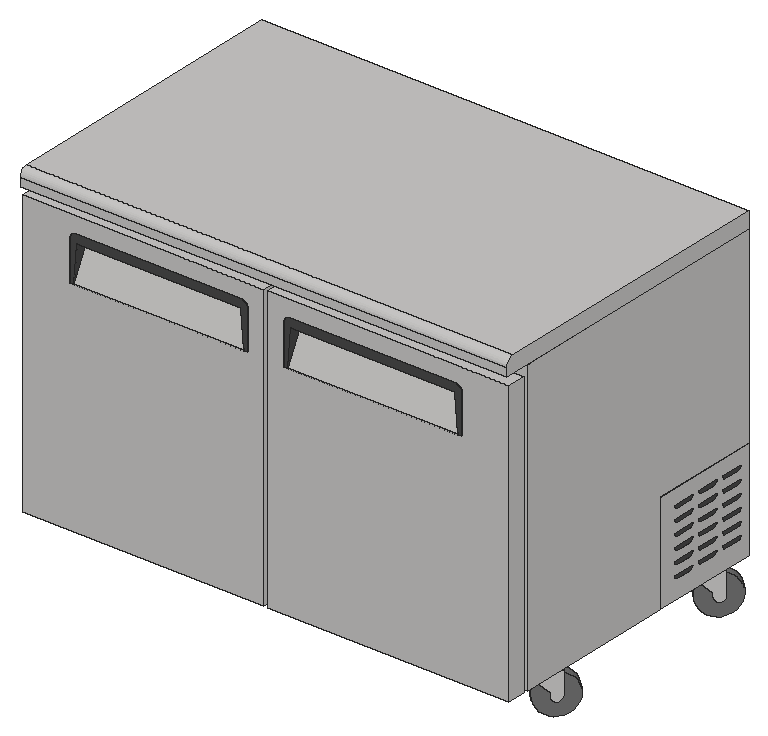
Revit family "QF_Turbo Air_MUR-48", category Specialty Equipment, Revit 2012
Parameters
  Weight in Pounds = 246
  Watermarked By = "http://revitwatermark.com"
  Volts = 115 V
  URL Cutsheet = ""
  URL = "www.turboairinc.com"
  Status [instance] = ""
  Specification by User [instance] = ""
  Specification by Manufacturer [instance] = ""
  Serial Number [instance] = ""
  Revision Code [instance] = ""
  Phase = 1
  Number of Poles [instance] = 1
  NAFEM Spec ID Number [instance] = ""
  Model = "MUR-48"
  Masterspec [instance] = ""
  Manufacturer = "Turbo Air"  # constant formula
  Legs [instance] = [6 inch Legs]  # no
  Item Number [instance] = "-"
  Installed By [instance] = ""
  HP = "1/3"
  Furnished By [instance] = ""
  Foodservice Equipment Identifier = yes
  FL Amps = 6.5 A
  Electrical Remarks [instance] = ""
  Electric Connection Type [instance] = ""
  Elec Conn RI Height [instance] = 0' - 0"
  Elec Conn Connection Height = 1' - 0"
  Description = "Undercounter Refrigerator"
  Cycle = 60 Hz
  Conn Plug = "NEMA 5-15P"
  Casters [instance] = not(Legs)  # yes
  CasterLeg Height [instance] = if([4 inch Casters], 0' 5", if([5 inch Casters], 0' 5 3/4", if([2_5 inch Casters], 0' 3 3/8", 0' 6")))  # 0' - 5"
  CSI MasterFormat = "11 41 13"
  Assembly Code = "E1090320"
  Apparent Power = if(Phase = 3, Volts * FL Amps * 1.73, Volts * FL Amps)  # 747.5 VA
  6 inch Legs [instance] = no
  5 inch Casters [instance] = no
  4 inch Casters [instance] = yes
  2_5 inch Casters [instance] = no
Reference planes (in)
  plane 1 "BACK": y = 0
  plane 2: z = 0
  plane 3 "LEFT": x = -20.78844
  plane 4 "Bottom": z = 5
  plane 5 "Back Stops": y = 1
  plane 6 "RIGHT": x = 27.46156
  plane 7 "FRONT": y = -30
  plane 8 "Door Clearance": y = -51.875
  plane 9 "Back of Door": y = -27.875
  plane 10 "Front of Box": y = -27.375
  plane 11 "Top of Door": z = 33.125
  plane 12 "TOP": z = 35.625
  plane 13 "Bottom of TOP": z = 34
  plane 14 "Center LR": x = 3.33656
  plane 15: x = 3.52406
  plane 16: x = 3.14906
Forms (in)
  Extrusion 1, solid, material "QF_Finishes_Stainless Steel"
    sketch origin (-20.78844, 0, 0) x (0, 1, 0) y (0, 0, 1)
      loop
        line (0, 5) -> (0, 34) -> (-27.375, 34) -> (-27.375, 5) -> (0, 5)
    from 0 to 48.25
  Extrusion 2, solid, material "QF_Finishes_Black"
    sketch origin (0, -27.375, 0) x (1, 0, 0) y (0, 0, 1)
      loop
        line (-19.78844, 32.125) -> (-19.78844, 6) -> (2.14906, 6) -> (2.14906, 32.125) -> (-19.78844, 32.125)
      loop
        line (4.52406, 32.125) -> (4.52406, 6) -> (26.46156, 6) -> (26.46156, 32.125) -> (4.52406, 32.125)
    from 0 to 0.5
  Extrusion 3, void
    sketch origin (27.46156, 0, 0) x (0, 1, 0) y (0, 0, 1)
      loop
        line (0, 5) -> (0, 15) -> (-11, 15) -> (-11, 5) -> (0, 5)
    from 0 to -1
  Extrusion 4, solid, material "QF_Finishes_Stainless Steel"
    sketch origin (27.46156, 0, 0) x (0, 1, 0) y (0, 0, 1)
      loop
        line (-10.875, 14.875) -> (-10.875, 5) -> (0, 5) -> (0, 14.875) -> (-10.875, 14.875)
      loop
        arc (-9.25, 13.5) -> (-9.10355, 13.14645) -> (-8.75, 13) r 0.5
        line (-8.75, 13) -> (-7.25, 13)
        arc (-7.25, 13) -> (-6.89645, 13.14645) -> (-6.75, 13.5) r 0.5
        line (-6.75, 13.5) -> (-9.25, 13.5)
      loop
        arc (-6.25, 13.5) -> (-6.10355, 13.14645) -> (-5.75, 13) r 0.5
        line (-5.75, 13) -> (-4.25, 13)
        arc (-4.25, 13) -> (-3.89645, 13.14645) -> (-3.75, 13.5) r 0.5
        line (-3.75, 13.5) -> (-6.25, 13.5)
      loop
        arc (-3.25, 13.5) -> (-3.10355, 13.14645) -> (-2.75, 13) r 0.5
        line (-2.75, 13) -> (-1.25, 13)
        arc (-1.25, 13) -> (-0.89645, 13.14645) -> (-0.75, 13.5) r 0.5
        line (-0.75, 13.5) -> (-3.25, 13.5)
      loop
        arc (-9.25, 12.25) -> (-9.10355, 11.89645) -> (-8.75, 11.75) r 0.5
        line (-8.75, 11.75) -> (-7.25, 11.75)
        arc (-7.25, 11.75) -> (-6.89645, 11.89645) -> (-6.75, 12.25) r 0.5
        line (-6.75, 12.25) -> (-9.25, 12.25)
      loop
        arc (-6.25, 12.25) -> (-6.10355, 11.89645) -> (-5.75, 11.75) r 0.5
        line (-5.75, 11.75) -> (-4.25, 11.75)
        arc (-4.25, 11.75) -> (-3.89645, 11.89645) -> (-3.75, 12.25) r 0.5
        line (-3.75, 12.25) -> (-6.25, 12.25)
      loop
        arc (-3.25, 12.25) -> (-3.10355, 11.89645) -> (-2.75, 11.75) r 0.5
        line (-2.75, 11.75) -> (-1.25, 11.75)
        arc (-1.25, 11.75) -> (-0.89645, 11.89645) -> (-0.75, 12.25) r 0.5
        line (-0.75, 12.25) -> (-3.25, 12.25)
      loop
        arc (-9.25, 11) -> (-9.10355, 10.64645) -> (-8.75, 10.5) r 0.5
        line (-8.75, 10.5) -> (-7.25, 10.5)
        arc (-7.25, 10.5) -> (-6.89645, 10.64645) -> (-6.75, 11) r 0.5
        line (-6.75, 11) -> (-9.25, 11)
      loop
        arc (-6.25, 11) -> (-6.10355, 10.64645) -> (-5.75, 10.5) r 0.5
        line (-5.75, 10.5) -> (-4.25, 10.5)
        arc (-4.25, 10.5) -> (-3.89645, 10.64645) -> (-3.75, 11) r 0.5
        line (-3.75, 11) -> (-6.25, 11)
      loop
        arc (-3.25, 11) -> (-3.10355, 10.64645) -> (-2.75, 10.5) r 0.5
        line (-2.75, 10.5) -> (-1.25, 10.5)
        arc (-1.25, 10.5) -> (-0.89645, 10.64645) -> (-0.75, 11) r 0.5
        line (-0.75, 11) -> (-3.25, 11)
      loop
        arc (-9.25, 9.75) -> (-9.10355, 9.39645) -> (-8.75, 9.25) r 0.5
        line (-8.75, 9.25) -> (-7.25, 9.25)
        arc (-7.25, 9.25) -> (-6.89645, 9.39645) -> (-6.75, 9.75) r 0.5
        line (-6.75, 9.75) -> (-9.25, 9.75)
      loop
        arc (-6.25, 9.75) -> (-6.10355, 9.39645) -> (-5.75, 9.25) r 0.5
        line (-5.75, 9.25) -> (-4.25, 9.25)
        arc (-4.25, 9.25) -> (-3.89645, 9.39645) -> (-3.75, 9.75) r 0.5
        line (-3.75, 9.75) -> (-6.25, 9.75)
      loop
        arc (-3.25, 9.75) -> (-3.10355, 9.39645) -> (-2.75, 9.25) r 0.5
        line (-2.75, 9.25) -> (-1.25, 9.25)
        arc (-1.25, 9.25) -> (-0.89645, 9.39645) -> (-0.75, 9.75) r 0.5
        line (-0.75, 9.75) -> (-3.25, 9.75)
      loop
        arc (-9.25, 8.5) -> (-9.10355, 8.14645) -> (-8.75, 8) r 0.5
        line (-8.75, 8) -> (-7.25, 8)
        arc (-7.25, 8) -> (-6.89645, 8.14645) -> (-6.75, 8.5) r 0.5
        line (-6.75, 8.5) -> (-9.25, 8.5)
      loop
        arc (-6.25, 8.5) -> (-6.10355, 8.14645) -> (-5.75, 8) r 0.5
        line (-5.75, 8) -> (-4.25, 8)
        arc (-4.25, 8) -> (-3.89645, 8.14645) -> (-3.75, 8.5) r 0.5
        line (-3.75, 8.5) -> (-6.25, 8.5)
      loop
        arc (-3.25, 8.5) -> (-3.10355, 8.14645) -> (-2.75, 8) r 0.5
        line (-2.75, 8) -> (-1.25, 8)
        arc (-1.25, 8) -> (-0.89645, 8.14645) -> (-0.75, 8.5) r 0.5
        line (-0.75, 8.5) -> (-3.25, 8.5)
      loop
        arc (-9.25, 7.25) -> (-9.10355, 6.89645) -> (-8.75, 6.75) r 0.5
        line (-8.75, 6.75) -> (-7.25, 6.75)
        arc (-7.25, 6.75) -> (-6.89645, 6.89645) -> (-6.75, 7.25) r 0.5
        line (-6.75, 7.25) -> (-9.25, 7.25)
      loop
        arc (-6.25, 7.25) -> (-6.10355, 6.89645) -> (-5.75, 6.75) r 0.5
        line (-5.75, 6.75) -> (-4.25, 6.75)
        arc (-4.25, 6.75) -> (-3.89645, 6.89645) -> (-3.75, 7.25) r 0.5
        line (-3.75, 7.25) -> (-6.25, 7.25)
      loop
        arc (-3.25, 7.25) -> (-3.10355, 6.89645) -> (-2.75, 6.75) r 0.5
        line (-2.75, 6.75) -> (-1.25, 6.75)
        arc (-1.25, 6.75) -> (-0.89645, 6.89645) -> (-0.75, 7.25) r 0.5
        line (-0.75, 7.25) -> (-3.25, 7.25)
    from 0 to -1
  Extrusion 5, solid, material "QF_Finishes_Black"
    sketch origin (27.46156, 0, 0) x (0, 1, 0) y (0, 0, 1)
      loop
        line (-9.875, 13.95221) -> (-9.875, 6.20221) -> (-0.375, 6.20221) -> (-0.375, 13.95221) -> (-9.875, 13.95221)
    from -0.125 to -1
  Extrusion 6, solid, material "QF_Finishes_Black"
    sketch origin (0, 0, 0) x (1, 0, 0) y (0, 0, 1)
      loop
        circle (-14.66344, 30.8125) r 0.5
      loop
        circle (21.33656, 30.8125) r 0.5
    from 0 to -1
  Extrusion 7, solid, material "QF_Finishes_Stainless Steel"
    sketch origin (0, 0, 0) x (1, 0, 0) y (0, 0, 1)
      loop
        circle (23.46156, 11.125) r 0.25
    from 0 to -0.0625
  Extrusion 8, solid, material "QF_Finishes_Polished Steel"
    sketch origin (-20.78844, 0, 0) x (0, 1, 0) y (0, 0, 1)
      loop
        line (0, 35.625) -> (-29.1875, 35.625)
        arc (-29.1875, 35.625) -> (-29.76202, 35.38702) -> (-30, 34.8125) r 0.8125
        line (-30, 34.8125) -> (-30, 34) -> (0, 34) -> (0, 35.625)
    from 0 to 48.25
Cuts and joins
  Extrusion 3 cuts Extrusion 1
Lines and regions (in)
  symbolic lines
    curve 1: line (-20.78844, 0, 35.875) -> (27.46156, 0, 35.875)
    curve 2: line (-20.78844, -30, 35.875) -> (-20.78844, 0, 35.875)
    curve 3: line (27.46156, -30, 35.875) -> (-20.78844, -30, 35.875)
    curve 4: line (27.46156, 0, 35.875) -> (27.46156, -30, 35.875)
    curve 5: line (20.83656, 1, 35.875) -> (21.83656, 1, 35.875)
    curve 6: line (-15.16344, 1, 35.875) -> (-14.16344, 1, 35.875)
    curve 7: line (-15.16344, 1, 35.875) -> (-15.16344, 0, 35.875)
    curve 8: line (-14.16344, 1, 35.875) -> (-14.16344, 0, 35.875)
    curve 9: line (20.83656, 1, 35.875) -> (20.83656, 0, 35.875)
    curve 10: line (21.83656, 1, 35.875) -> (21.83656, 0, 35.875)
  symbolic lines, style "QF_Clearances", detail levels coarse
    curve 11: line (27.46156, -30, 35.875) -> (27.46156, -51.875, 35.875)
    curve 12: arc (27.46156, -51.875, 35.875) -> (11.25971, -45.58093, 35.875) -> (3.55582, -30, 35.875) r 24
    curve 13: line (-20.78844, -30, 35.875) -> (-20.78844, -51.875, 35.875)
    curve 14: arc (-20.78844, -51.875, 35.875) -> (-4.58659, -45.58093, 35.875) -> (3.1173, -30, 35.875) r 24
Dimensions and locks (in)
  "CasterLeg Height": plane 4 "Bottom" to plane 2
  locked: plane 1 "BACK" to plane 5 "Back Stops" at 1
  locked: plane 6 "RIGHT" to plane 3 "LEFT" at 48.25
  locked: plane 7 "FRONT" to plane 1 "BACK" at 30
  locked: plane 9 "Back of Door" to plane 10 "Front of Box" at 0.5
  locked: plane 8 "Door Clearance" to plane 1 "BACK" at 51.875
  locked: plane 11 "Top of Door" to Extrusion 2 sketch curve at 1  (x2)
  locked: Extrusion 2 sketch curve to plane 3 "LEFT" at 1
  locked: Extrusion 2 sketch curve to plane 4 "Bottom" at 1  (x2)
  locked: Extrusion 3 sketch curve to plane 1 "BACK" at 11
  locked: Extrusion 3 sketch curve to plane 4 "Bottom" at 10
  locked: plane 4 "Bottom" to Extrusion 4 sketch curve at 9.875
  locked: Extrusion 4 sketch curve to plane 1 "BACK" at 10.875
  locked: Extrusion 5 sketch curve to Extrusion 5 sketch curve at 7.75
  locked: Extrusion 5 sketch curve to plane 4 "Bottom" at 1.20221
  locked: Extrusion 5 sketch curve to Extrusion 5 sketch curve at 9.5
  locked: Extrusion 5 sketch curve to plane 1 "BACK" at 0.375
  locked: nested 1 to plane 1 "BACK" at 2.5625
  locked: plane 3 "LEFT" to nested 1 at 2.5
  locked: plane 3 "LEFT" to nested 2 at 2.5
  locked: plane 10 "Front of Box" to nested 2 at 4.625
  locked: nested 3 to plane 6 "RIGHT" at 2.5
  locked: nested 4 to plane 6 "RIGHT" at 2.5
  locked: plane 10 "Front of Box" to nested 4 at 4.625
  locked: nested 3 to plane 1 "BACK" at 2.5625
  locked: plane 6 "RIGHT" to Extrusion 6 sketch curve at 6.125
  locked: Extrusion 6 sketch curve to plane 3 "LEFT" at 6.125
  locked: Extrusion 7 sketch curve to plane 4 "Bottom" at 6.125
  locked: plane 6 "RIGHT" to Extrusion 7 sketch curve at 4
  locked: plane 12 "TOP" to plane 4 "Bottom" at 30.625
  locked: plane 12 "TOP" to plane 13 "Bottom of TOP" at 1.625
  locked: plane 13 "Bottom of TOP" to plane 11 "Top of Door" at 0.875
  plane 9 "Back of Door" to plane 1 "BACK" = 2' - 3 7/8"
  equal spacing: plane 3 "LEFT", plane 14 "Center LR", plane 6 "RIGHT"
  plane 16 to plane 14 "Center LR" to plane 15 = 0' - 0 3/16" locked, 0' - 0 3/16" locked
  locked: Extrusion 2 sketch curve to plane 16 at 1
  locked: Extrusion 2 sketch curve to plane 6 "RIGHT" at 1
  locked: Extrusion 2 sketch curve to plane 15 at 1
  aligned and locked: level to plane 2
  aligned and locked: Extrusion 1 sketch curve to plane 1 "BACK"
  aligned and locked: Extrusion 1 sketch curve to plane 4 "Bottom"
  aligned and locked: plane 10 "Front of Box" to Extrusion 1 sketch curve
  aligned and locked: plane 6 "RIGHT" to Extrusion 1
  aligned and locked: plane 9 "Back of Door" to Extrusion 2
  aligned and locked: Extrusion 3 sketch curve to plane 1 "BACK"
  aligned and locked: Extrusion 3 sketch curve to plane 4 "Bottom"
  aligned and locked: Extrusion 6 to plane 5 "Back Stops"
  aligned and locked: plane 1 "BACK" to curve 1
  aligned and locked: curve 4 to plane 6 "RIGHT"
  aligned and locked: plane 3 "LEFT" to curve 2
  aligned and locked: curve 3 to plane 7 "FRONT"
  aligned and locked: curve 5 to Extrusion 6
  aligned and locked: curve 6 to Extrusion 6
  aligned and locked: Extrusion 1 sketch curve to plane 13 "Bottom of TOP"
  aligned and locked: plane 1 "BACK" to Extrusion 8 sketch curve
  aligned and locked: plane 13 "Bottom of TOP" to Extrusion 8 sketch curve
  aligned and locked: Extrusion 8 sketch curve to plane 7 "FRONT"
  aligned and locked: Extrusion 8 sketch curve to plane 12 "TOP"
  aligned and locked: plane 6 "RIGHT" to Extrusion 8
  aligned and locked: nested 6 to plane 4 "Bottom"
  aligned and locked: plane 4 "Bottom" to nested 5
Automatic sketch dimensions
  Extrusion 4 sketch curve to plane 1 "BACK" = 0' - 0"
  Extrusion 4 sketch curve to plane 4 "Bottom" = 0' - 0"
  Extrusion 4 sketch curve to Extrusion 4 sketch curve = 0' - 1 5/8"
  Extrusion 4 sketch curve to Extrusion 4 sketch curve = 0' - 0"  (x16)
  Extrusion 4 sketch curve to Extrusion 4 sketch curve = 0' - 0 1/2"  (x31)
  Extrusion 4 sketch curve to Extrusion 4 sketch curve = 0' - 1 1/2"  (x4)
  plane 1 "BACK" to Extrusion 4 sketch curve = 0' - 1 1/4"  (x3)
  plane 4 "Bottom" to Extrusion 4 sketch curve = 0' - 1 3/4"  (x2)
  Extrusion 4 sketch curve to Extrusion 4 sketch curve = 0' - 0 3/4"  (x15)
  Extrusion 6 sketch curve to plane 11 "Top of Door" = 0' - 2 5/16"  (x2)
  Extrusion 8 sketch curve to plane 7 "FRONT" = 0' - 0 13/16"
  plane 8 "Door Clearance" to curve 11 = 0' - 0"
  plane 8 "Door Clearance" to curve 14 = 0' - 0"
  plane 9 "Back of Door" to curve 12 = 0' - 0"
  plane 9 "Back of Door" to curve 14 = 0' - 0"
  curve 10 to plane 6 "RIGHT" = 0' - 5 5/8"
  curve 5 to curve 9 = 0' - 1"
  plane 3 "LEFT" to curve 8 = 0' - 6 5/8"
  curve 6 to curve 7 = 0' - 1"
  radius of Extrusion 6 sketch curve = 0' - 0 1/2"  (x2)
  radius of Extrusion 7 sketch curve = 0' - 0 1/4"
Nested families (in)
  nested 1: "FESCasterLeg" at (-18.28844, -2.5625, 0), Legs <- "Legs", Casters <- "Casters", Height <- "CasterLeg Height", type "FESCasterLeg"
    with Legs no, Height 0' - 5", Casters yes, Caster Radius 0' - 2"
  nested 2: "FESCasterLeg" at (-18.28844, -22.75, 0), Legs <- "Legs", Casters <- "Casters", Height <- "CasterLeg Height", type "FESCasterLeg"
    with Legs no, Height 0' - 5", Casters yes, Caster Radius 0' - 2"
  nested 3: "FESCasterLeg" at (24.96156, -2.5625, 0), Legs <- "Legs", Casters <- "Casters", Height <- "CasterLeg Height", type "FESCasterLeg"
    with Legs no, Height 0' - 5", Casters yes, Caster Radius 0' - 2"
  nested 4: "FESCasterLeg" at (24.96156, -22.75, 0), Legs <- "Legs", Casters <- "Casters", Height <- "CasterLeg Height", type "FESCasterLeg"
    with Legs no, Height 0' - 5", Casters yes, Caster Radius 0' - 2"
  nested 5: "QF_Turbo Air_TBL_Door-1" at (12.28489, -27.875, 5) x (-1, 0, 0) z (0, 0, 1), type "QF_Turbo Air_TBL_Door-1"
    with Width 1' - 11 15/16", Symbolic Lines yes, Height 2' - 4 1/8", Handle Width 1' - 5 5/8", Depth 0' - 1 13/16"
  nested 6: "QF_Turbo Air_TBL_Door-1" at (-5.61177, -27.875, 5), type "QF_Turbo Air_TBL_Door-1"
    with Width 1' - 11 15/16", Symbolic Lines yes, Height 2' - 4 1/8", Handle Width 1' - 5 5/8", Depth 0' - 1 13/16"
Connectors (in)
  electrical at (23.46156, 0.0625, 11.125), driven by "Number of Poles", driven by "Volts", driven by "Apparent Power"
    settings: on Extrusion 7, index 1, voltage 115 V, apparent load 747.5 VA, apparent load phase1 0 VA, apparent load phase2 0 VA, apparent load phase3 0 VA, power factor 1, load classification "Other", number of poles 1, system type 30, power factor state 1, is connector primary yes, connector utility no, sub classification motor no, connector description ""
Definition of nested family "FESCasterLeg"
  Parameters (values of type "FESCasterLeg")
    Watermarked By = "http://revitwatermark.com"
    Type Comments = "⍁⍉⌁⌀⏭⎽⌇⍠⌜⍉⎖⌥⌦⌯⍭⏊⍻⍿⍊⏵⍊⏗⏠⍴⎡⌈⎀⍠⌓⌤⏘⎐⍀⌐⏬⏁⎈⏍⏦⎒⏬⌝⍩⍇⌣〈⎫〉⎁⏊⍥⍖⍥⍝⍦⌖⍀⏌⏭⎝⎼⏷⏞⍻⏯⎽⏷⏞⍻⏯⎽⏷⎺⌻⎝⍎⌧⏷⏟⏿⌿⍜⍦⍤⌁⍬⏶⏎⍊⏚⏉⎞⌡⎀⎪⏈⌟⌿⍾⍼⌟⌿⌢⌞⏜⏝⎽⍷⍷⍯⍧⍷⌯⍽⏸⏨⏾⏎⌣⏺⍹⏼⏅⎏⌽⎫⎪⍙⎓⏗⎗⏅⌴⍏⍏⍿⏑⎺⍘⌭⏲⍥⎛⎾⎾⍞⍌⎪⎲⌙⎥⏏⎟⎟⏼⏘⎏⎝⏧⏍⏁⍏⍧⏯⏾⌟"
    Legs [instance] = yes
    Height [instance] = 0' - 6"
    Caster Radius [instance] = if(Height < 0' 3", 0' 1", (Height / 2) - 0' 0 1/2")  # 0' - 2 1/2"
    Casters [instance] = yes
    Assembly Code = ""
  Reference planes (in)
    plane 1 "Center (Front/Back)": y = 0
    plane 2: z = 0
    plane 3 "Center (Left/Right)": x = 0
    plane 4: z = 6
    plane 5: z = 5.5
  Forms (in)
    Extrusion 1, solid, material "QF_Finishes_Stainless Steel", visible <- "Casters"
      sketch origin (-24.12131, -22.88887, 10.18833) x (0.707107, 0.707107, 0) y (0, 0, 1)
        loop
          line (34.98772, -7.68833) -> (34.98772, -4.93833) -> (34.48772, -4.93833) -> (34.39402, -4.68833) -> (32.39402, -4.68833) -> (32.39402, -5.43833) -> (33.98772, -7.34206) -> (33.98772, -7.68833)
          arc (33.98772, -7.68833) -> (34.48772, -8.18833) -> (34.98772, -7.68833) r 0.5
      from 0 to 1.75
    Extrusion 2, solid, material "QF_Finishes_Rubber Black", visible <- "Casters"
      sketch origin (-24.32327, -23.09083, 13.31461) x (0.707107, 0.707107, 0) y (0, 0, 1)
        loop
          circle (34.77334, -10.81461) r 2.5
      from 0.375 to 1.375
    Extrusion 3, solid, material "QF_Finishes_Stainless Steel", visible <- "Casters"
      sketch origin (-7.24148, -8.48391, 0) x (0.707107, 0.707107, 0) y (0, 0, 1)
        loop
          line (10.61603, 5.5) -> (11.61603, 5.5) -> (11.61603, 6) -> (10.61603, 6) -> (10.61603, 5.5)
      from 0 to -1.75
    Blend 4, solid, material "QF_Finishes_Stainless Steel", visible <- "Legs"
      base sketch origin (0, 0, 0) x (1, 0, 0) y (0, 1, 0)
        loop
          circle (0, 0) r 0.5
      top sketch origin (0, 0, 0) x (1, 0, 0) y (0, 1, 0)
        loop
          circle (0, 0) r 1
      from 0 to 6 <- "Height"
  Lines and regions (in)
    symbolic lines, style "QF_Hidden Details", visible <- "Casters", built-in parameter 1006206 <- "Casters"
      curve 1: line (-1.26158, -0.51911, 0) -> (1.39007, 2.13254, 0)
      curve 2: line (-0.53429, -1.24639, 0) -> (2.11736, 1.40526, 0)
    symbolic lines, style "QF_Hidden Details", built-in parameter 1006206 <- "Casters", visible <- "Casters"
      curve 3: line (-1.26158, -0.51911, 0) -> (1.39007, 2.13254, 0)
      curve 4: line (-0.53429, -1.24639, 0) -> (2.11736, 1.40526, 0)
  Dimensions and locks (in)
    locked: plane 4 to plane 5 at 0.5
    "Height": plane 4 to level
    "Caster Radius": Extrusion 2 sketch curve to level
    "Caster Radius": Extrusion 1 sketch curve to level
    "Caster Radius": radius of Extrusion 2 sketch curve
    aligned and locked: plane 2 to level
    aligned: Blend 4 to Extrusion 3
    aligned and locked: plane 4 to Blend 4
    aligned and locked: Extrusion 3 to plane 5
    aligned and locked: plane 4 to Extrusion 3
    aligned and locked: plane 5 to Extrusion 1
  Automatic sketch dimensions
    plane 1 "Center (Front/Back)" to curve 3 = 0' - 0.51911"
    curve 3 to plane 3 "Center (Left/Right)" = 0' - 1.26158"
    plane 1 "Center (Front/Back)" to curve 1 = 0' - 0.51911"
    curve 1 to curve 3 = 0' - 0"  (x3)
    curve 4 to plane 3 "Center (Left/Right)" = 0' - 0.53429"
    curve 2 to curve 4 = 0' - 0"  (x2)
    plane 3 "Center (Left/Right)" to curve 3 = 0' - 1.39007"
    curve 1 to curve 4 = 0' - 0.72729"
    curve 2 to curve 1 = 0' - 0.72729"
    curve 4 to curve 2 = 0' - 0"  (x2)
    curve 2 to plane 1 "Center (Front/Back)" = 0' - 1.40526"
    curve 2 to curve 3 = 0' - 0.72729"
    plane 5 to Extrusion 1 sketch curve = 0' - 0"
    Extrusion 1 sketch curve to Extrusion 1 sketch curve = 0' - 1.5937"
    Extrusion 1 sketch curve to Extrusion 1 sketch curve = 0' - 2"
    Extrusion 1 sketch curve to Extrusion 1 sketch curve = 0' - 0.0937"
    Extrusion 1 sketch curve to Extrusion 1 sketch curve = 0' - 0 1/2"
    Extrusion 1 sketch curve to Extrusion 1 sketch curve = 0' - 0.34627"
    Extrusion 1 sketch curve to plane 5 = 0' - 0 3/4"
    Extrusion 1 sketch curve to plane 5 = 0' - 0 1/4"
    Extrusion 3 sketch curve to plane 5 = 0' - 0"
    plane 4 to Extrusion 3 sketch curve = 0' - 0"
    Extrusion 3 sketch curve to Extrusion 3 sketch curve = 0' - 1"
    plane 1 "Center (Front/Back)" to Blend 4 sketch curve = 0' - 0"  (x2)
    Blend 4 sketch curve to plane 3 "Center (Left/Right)" = 0' - 0"  (x2)
    radius of Blend 4 sketch curve = 0' - 0 1/2"
    radius of Blend 4 sketch curve = 0' - 1"
Definition of nested family "QF_Turbo Air_TBL_Door-1"
  Parameters (values of type "QF_Turbo Air_TBL_Door-1")
    Width [instance] = 2' - 5 5/16"
    Watermarked By = "http://revitwatermark.com"
    Symbolic Lines [instance] = yes
    Manufacturer = "Turbo Air"  # constant formula
    Height [instance] = 2' - 3 7/16"
    Handle Width [instance] = 1' - 5 5/8"
    Depth [instance] = 0' - 1 13/16"
  Reference planes (in)
    plane 1 "BACK": y = 0
    plane 2: z = 0
    plane 3 "LEFT": x = -15.17667
    plane 4: x = 14.13583
    plane 5 "FRONT": y = -1.8125
    plane 6: z = 27.4375
    plane 7 "Right of Handle": x = 12.51083
    plane 8 "Left of Handle": x = -5.11417
  Forms (in)
    Extrusion 1, solid, material "QF_Finishes_Black"
      sketch origin (-31.11417, 0, 15.01083) x (0, 0, -1) y (1, 0, 0)
        loop
          arc (-10.23917, 43.625) -> (-10.63691, 43.46025) -> (-10.80167, 43.0625) r 0.5625
          line (-10.80167, 43.0625) -> (-10.80167, 26.5625)
          arc (-10.80167, 26.5625) -> (-10.63691, 26.16475) -> (-10.23917, 26) r 0.5625
          line (-10.23917, 26) -> (-6.30167, 26) -> (-6.30167, 26.34375) -> (-9.98917, 26.66636) -> (-9.98917, 42.95864) -> (-6.30167, 43.28125) -> (-6.30167, 43.625) -> (-10.23917, 43.625)
      from 0 to 1.8125
    Extrusion 2, solid, material "QF_Finishes_Stainless Steel"
      sketch origin (-5.14542, 0, 15.01083) x (0, 1, 0) y (0, 0, 1)
        loop
          line (-1.8125, 6.30167) -> (0, 6.30167) -> (0, 9.98917) -> (-0.47036, 9.98917) -> (-1.8125, 6.30167)
      from 0.375 to 17.3125
    Extrusion 3, solid, material "QF_Finishes_Stainless Steel"
      sketch origin (0, 0, 0) x (1, 0, 0) y (0, 0, 1)
        loop
          line (-15.17667, 27.4375) -> (-15.17667, 0) -> (14.13583, 0) -> (14.13583, 27.4375) -> (-15.17667, 27.4375)
        loop
          arc (-4.55167, 25.8125) -> (-4.94941, 25.64775) -> (-5.11417, 25.25) r 0.5625
          line (-5.11417, 25.25) -> (-5.11417, 21.3125) -> (12.51083, 21.3125) -> (12.51083, 25.25)
          arc (12.51083, 25.25) -> (12.34608, 25.64775) -> (11.94833, 25.8125) r 0.5625
          line (11.94833, 25.8125) -> (-4.55167, 25.8125)
      from 0 to 1.8125
  Lines and regions (in)
    symbolic lines, visible <- "Symbolic Lines"
      curve 1: line (-15.17667, 0, 25.96875) -> (14.13583, 0, 25.96875)
      curve 2: line (-15.17667, -1.8125, 25.96875) -> (-15.17667, 0, 25.96875)
      curve 3: line (14.13583, -1.8125, 25.96875) -> (-15.17667, -1.8125, 25.96875)
      curve 4: line (14.13583, 0, 25.96875) -> (14.13583, -1.8125, 25.96875)
  Dimensions and locks (in)
    "Width": plane 4 to plane 3 "LEFT"
    "Depth": plane 5 "FRONT" to plane 1 "BACK"
    "Height": plane 6 to plane 2
    locked: Extrusion 3 sketch curve to Extrusion 3 sketch curve at 4.5
    locked: plane 6 to Extrusion 3 sketch curve at 1.625
    locked: plane 6 to Extrusion 1 sketch curve at 1.625
    locked: Extrusion 1 sketch curve to Extrusion 1 sketch curve at 0.8125
    locked: Extrusion 1 sketch curve to Extrusion 1 sketch curve at 4.5  (x2)
    locked: plane 6 to Extrusion 2 sketch curve at 2.4375
    locked: Extrusion 2 sketch curve to Extrusion 2 sketch curve at 3.6875
    locked: Extrusion 2 sketch curve to plane 5 "FRONT" at 1.34214
    locked: plane 7 "Right of Handle" to plane 4 at 1.625
    "Handle Width": plane 8 "Left of Handle" to plane 7 "Right of Handle"
    locked: Extrusion 1 sketch curve to plane 8 "Left of Handle" at 0.34375
    locked: Extrusion 1 sketch curve to plane 8 "Left of Handle" at 0.66636
    locked: Extrusion 1 sketch curve to plane 8 "Left of Handle" at 0.5625
    locked: plane 7 "Right of Handle" to Extrusion 1 sketch curve at 0.34375
    locked: plane 7 "Right of Handle" to Extrusion 1 sketch curve at 0.66636
    locked: plane 7 "Right of Handle" to Extrusion 1 sketch curve at 0.5625
    locked: plane 8 "Left of Handle" to Extrusion 2 at 0.34375
    locked: plane 7 "Right of Handle" to Extrusion 2 at 0.34375
    aligned and locked: level to plane 2
    aligned and locked: Extrusion 3 sketch curve to plane 6
    aligned and locked: plane 3 "LEFT" to Extrusion 3 sketch curve
    aligned and locked: level to Extrusion 3 sketch curve
    aligned and locked: Extrusion 3 sketch curve to plane 4
    aligned and locked: plane 5 "FRONT" to Extrusion 3
    aligned and locked: Extrusion 2 sketch curve to plane 1 "BACK"
    aligned and locked: plane 1 "BACK" to curve 1
    aligned and locked: plane 3 "LEFT" to curve 2
    aligned and locked: curve 3 to plane 5 "FRONT"
    aligned and locked: curve 4 to plane 4
    aligned and locked: Extrusion 3 sketch curve to plane 7 "Right of Handle"
    aligned and locked: Extrusion 3 sketch curve to plane 8 "Left of Handle"
    aligned and locked: Extrusion 1 sketch curve to plane 7 "Right of Handle"
    aligned and locked: plane 8 "Left of Handle" to Extrusion 1 sketch curve
  Automatic sketch dimensions
    Extrusion 3 sketch curve to Extrusion 3 sketch curve = 0' - 0 9/16"  (x2)
    Extrusion 2 sketch curve to plane 5 "FRONT" = 0' - 0"
